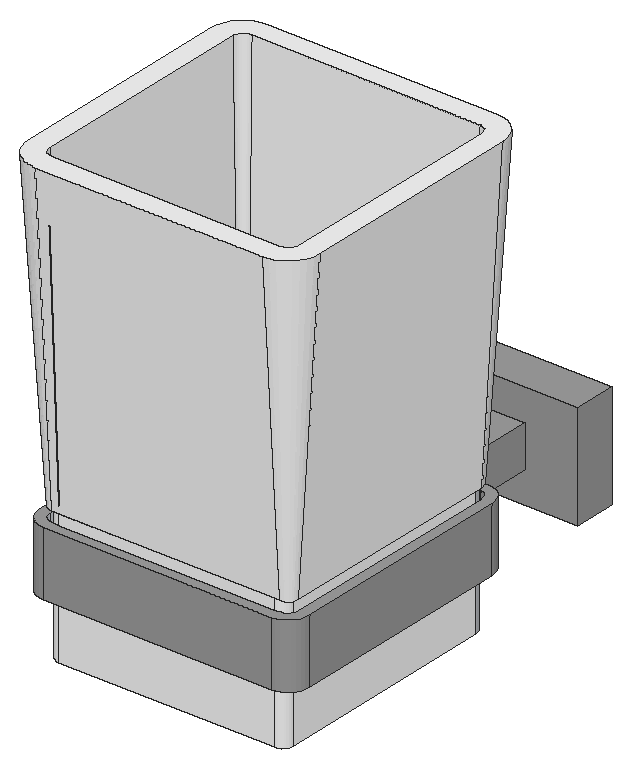
Revit family "PORTAVASO ATLAS NEGRO MATE", category Plumbing Fixtures, Revit 2019
Family settings
  Round Connector Dimension = Use Diameter
  Part Type = Normal
  OmniClass Number = 23.45.00.00
  OmniClass Title = Sanitary, Laundry, and Cleaning Equipment
  Work Plane-Based = No
  Always vertical = Yes
  Cut with Voids When Loaded = No
  Shared = No
  Room Calculation Point = No
Reference planes
  plane 1 "Center (Front/Back)": y = 0
  plane 2: z = 0
  plane 3 "Center (Left/Right)": x = 0
Forms (mm)
  Extrusion 1, solid
    sketch origin (0, 0, 0) x (1, 0, 0) y (0, 0, 1)
      loop
        line (0, 0) -> (55, 0) -> (55, 25) -> (0, 25) -> (0, 0)
    from 0 to 10
  Extrusion 2, solid
    sketch origin (0, 0, 0) x (1, 0, 0) y (0, 0, 1)
      loop
        line (12.5, 12.5) -> (12.5, 7.5) -> (42.5, 7.5) -> (42.5, 17.5) -> (12.5, 17.5) -> (12.5, 12.5)
    from 10 to 36
  Extrusion 3, solid
    sketch origin (0, 0, 0) x (1, 0, 0) y (0, 1, 0)
      loop
        line (27.5, -36) -> (0.5, -36)
        arc (0.5, -36) -> (-3.036, -37.464) -> (-4.5, -41) r 5
        line (-4.5, -41) -> (-4.5, -95)
        arc (-4.5, -95) -> (-3.036, -98.536) -> (0.5, -100) r 5
        line (0.5, -100) -> (54.5, -100)
        arc (54.5, -100) -> (58.036, -98.536) -> (59.5, -95) r 5
        line (59.5, -95) -> (59.5, -41)
        arc (59.5, -41) -> (58.036, -37.464) -> (54.5, -36) r 5
        line (54.5, -36) -> (27.5, -36)
      loop
        line (-2, -41) -> (-2, -95)
        arc (-2, -95) -> (-1.268, -96.768) -> (0.5, -97.5) r 2.5
        line (0.5, -97.5) -> (54.5, -97.5)
        arc (54.5, -97.5) -> (56.268, -96.768) -> (57, -95) r 2.5
        line (57, -95) -> (57, -41)
        arc (57, -41) -> (56.268, -39.232) -> (54.5, -38.5) r 2.5
        line (54.5, -38.5) -> (27.5, -38.5) -> (0.5, -38.5)
        arc (0.5, -38.5) -> (-1.268, -39.232) -> (-2, -41) r 2.5
    from 4.665 to 19.933
  Extrusion 4, solid
    sketch origin (0, 0, 0) x (1, 0, 0) y (0, 1, 0)
      loop
        arc (2.144, -38.5) -> (0.376, -39.232) -> (-0.356, -41) r 2.5
        line (-0.356, -41) -> (-0.356, -95)
        arc (-0.356, -95) -> (0.376, -96.768) -> (2.144, -97.5) r 2.5
        line (2.144, -97.5) -> (53.163, -97.5)
        arc (53.163, -97.5) -> (54.931, -96.768) -> (55.663, -95) r 2.5
        line (55.663, -95) -> (55.663, -41)
        arc (55.663, -41) -> (54.931, -39.232) -> (53.163, -38.5) r 2.5
        line (53.163, -38.5) -> (2.144, -38.5)
    from 22.464 to -9.113
  Extrusion 5, void
    sketch origin (0, 0, 0) x (1, 0, 0) y (0, 1, 0)
      loop
        line (0.5, -42.028) -> (0.5, -93.974)
        arc (0.5, -93.974) -> (0.801, -94.699) -> (1.526, -95) r 1.026
        line (1.526, -95) -> (53.536, -95)
        arc (53.536, -95) -> (54.218, -94.718) -> (54.5, -94.036) r 0.964
        line (54.5, -94.036) -> (54.5, -42.027)
        arc (54.5, -42.027) -> (54.199, -41.301) -> (53.473, -41) r 1.027
        line (53.473, -41) -> (1.528, -41)
        arc (1.528, -41) -> (0.801, -41.301) -> (0.5, -42.028) r 1.028
    from -6.526 to 34.044
  Blend 6, solid
    base sketch origin (0, 0, 0) x (1, 0, 0) y (0, 1, 0)
      loop
        line (-2, -41) -> (-2, -95)
        arc (-2, -95) -> (-1.268, -96.768) -> (0.5, -97.5) r 2.5
        line (0.5, -97.5) -> (54.5, -97.5)
        arc (54.5, -97.5) -> (56.268, -96.768) -> (57, -95) r 2.5
        line (57, -95) -> (57, -41)
        arc (57, -41) -> (56.268, -39.232) -> (54.5, -38.5) r 2.5
        line (54.5, -38.5) -> (0.5, -38.5)
        arc (0.5, -38.5) -> (-1.268, -39.232) -> (-2, -41) r 2.5
    top sketch origin (0, 0, 0) x (1, 0, 0) y (0, 1, 0)
      loop
        line (-7, -41) -> (-7, -95)
        arc (-7, -95) -> (-4.803, -100.303) -> (0.5, -102.5) r 7.5
        line (0.5, -102.5) -> (54.5, -102.5)
        arc (54.5, -102.5) -> (59.803, -100.303) -> (62, -95) r 7.5
        line (62, -95) -> (62, -41)
        arc (62, -41) -> (59.803, -35.697) -> (54.5, -33.5) r 7.5
        line (54.5, -33.5) -> (0.5, -33.5)
        arc (0.5, -33.5) -> (-4.803, -35.697) -> (-7, -41) r 7.5
    from 22.464 to 97.5
  Blend 7, void
    base sketch origin (0, 0, 0) x (1, 0, 0) y (0, 1, 0)
      loop
        line (0.5, -42.028) -> (0.5, -93.974)
        arc (0.5, -93.974) -> (0.793, -94.707) -> (1.526, -95) r 1
        line (1.526, -95) -> (53.536, -95)
        arc (53.536, -95) -> (54.218, -94.718) -> (54.5, -94.036) r 0.964
        line (54.5, -94.036) -> (54.5, -42.027)
        arc (54.5, -42.027) -> (54.199, -41.301) -> (53.473, -41) r 1.027
        line (53.473, -41) -> (1.528, -41)
        arc (1.528, -41) -> (0.801, -41.301) -> (0.5, -42.028) r 1.028
    top sketch origin (0, 0, 0) x (1, 0, 0) y (0, 1, 0)
      loop
        line (-2, -41) -> (-2, -95)
        arc (-2, -95) -> (-1.268, -96.768) -> (0.5, -97.5) r 2.5
        line (0.5, -97.5) -> (54.5, -97.5)
        arc (54.5, -97.5) -> (56.268, -96.768) -> (57, -95) r 2.5
        line (57, -95) -> (57, -41)
        arc (57, -41) -> (56.268, -39.232) -> (54.5, -38.5) r 2.5
        line (54.5, -38.5) -> (0.5, -38.5)
        arc (0.5, -38.5) -> (-1.268, -39.232) -> (-2, -41) r 2.5
    from 0 to 97.5
Cuts and joins
  Extrusion 5 cuts Extrusion 4
  Blend 7 cuts Extrusion 3
  Blend 7 cuts Blend 6
Dimensions and locks
  aligned and locked: level to plane 2
